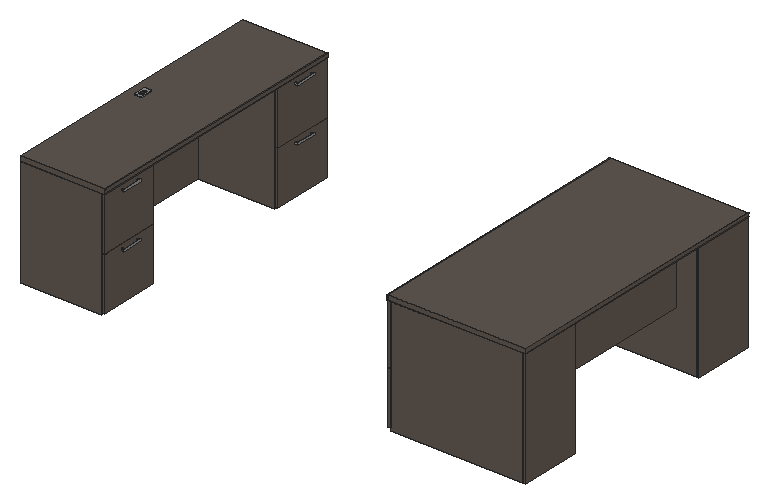
Revit family "T100295", category Furniture, Revit 2022 (continued)
Definition of nested family "OFS ELEMENT OPEN L DESK LEFT AND RIGHT 84in Width 60in Return"
  Forms (in)
    Extrusion 10, solid, material <- "Desk Overlay Material", visible <- "Left Desk Overlay"
      sketch origin (0, 0, 0) x (1, 0, 0) y (0, 0, 1)
        loop
          line (35.5, 34) -> (6.5, 34) -> (6.5, 6.5) -> (35.5, 6.5) -> (35.5, 34)
      from -12.96875 to -12.84375
    Extrusion 11, solid, material <- "Chassis Material", visible <- "Left Return Desk Option"
      sketch origin (-18.5848, -3.95032, 0) x (1, 0, 0) y (0, 1, 0)
        loop
          line (19.7723, 15.60657) -> (18.5848, 15.60657) -> (18.5848, 3.95032) -> (19.7723, 3.95032) -> (19.7723, 15.60657)
      from 0 to 28.5
    Extrusion 12, solid, material <- "Paper Organizer Material", visible <- "Left Return Desk Option"
      sketch origin (0, 0, 0) x (1, 0, 0) y (0, 1, 0)
        loop
          line (-28.0625, -19.09375) -> (-28.0625, -18.34375) -> (-40.8125, -18.34375) -> (-40.8125, -75.96875) -> (-28.0625, -75.96875) -> (-28.0625, -75.21875) -> (-40.0625, -75.21875) -> (-40.0625, -19.09375) -> (-28.0625, -19.09375)
      from 34.125 to 40.5
    Extrusion 13, solid, material <- "Paper Organizer Material", visible <- "Left Return Desk Option"
      sketch origin (0, 0, 0) x (1, 0, 0) y (0, 1, 0)
        loop
          line (-40.8125, -18.34375) -> (-40.8125, -75.96875) -> (-28.0625, -75.96875) -> (-28.0625, -18.34375) -> (-40.8125, -18.34375)
      from 39.75 to 40.5
    Extrusion 14, solid, material <- "Paper Organizer Material", visible <- "Left Return Desk Option"
      sketch origin (0, 0, 0) x (1, 0, 0) y (0, 1, 0)
        loop
          line (-40.8125, -18.34375) -> (-40.8125, -75.96875) -> (-28.0625, -75.96875) -> (-28.0625, -18.34375) -> (-40.8125, -18.34375)
      from 34.125 to 34.875
    Extrusion 15, solid, material <- "Paper Organizer Material", visible <- "Left Return Desk Option"
      sketch origin (0, 0, 0) x (1, 0, 0) y (0, 1, 0)
        loop
          line (-40.0625, -32.625) -> (-40.0625, -32.875) -> (-28.8125, -32.875) -> (-28.8125, -32.625) -> (-40.0625, -32.625)
      from 34.875 to 39.75
    Extrusion 16, solid, material <- "Paper Organizer Material", visible <- "Left Return Desk Option"
      sketch origin (0, -11.40625, 0) x (1, 0, 0) y (0, 1, 0)
        loop
          line (-40.0625, -35.625) -> (-40.0625, -35.875) -> (-28.8125, -35.875) -> (-28.8125, -35.625) -> (-40.0625, -35.625)
      from 34.875 to 39.75
    Extrusion 17, solid, material <- "Paper Organizer Material", visible <- "Left Return Desk Option"
      sketch origin (0, -22.8125, 0) x (1, 0, 0) y (0, 1, 0)
        loop
          line (-40.0625, -38.625) -> (-40.0625, -38.875) -> (-28.8125, -38.875) -> (-28.8125, -38.625) -> (-40.0625, -38.625)
      from 34.875 to 39.75
    Extrusion 18, solid, material <- "Chassis Material", visible <- "Right Return Desk Option"
      sketch origin (0, 0, 0) x (-1, 0, 0) y (0, -1, 0)
        loop
          line (-42, 17.15625) -> (-20, 17.15625) -> (-20, 18.34375) -> (-40.8125, 18.34375) -> (-40.8125, 75.96875) -> (-20, 75.96875) -> (-20, 77.15625) -> (-42, 77.15625) -> (-42, 17.15625)
      from 0 to 40.5
    Extrusion 19, solid, material <- "Worksurface Material", visible <- "Right Return Desk Option"
      sketch origin (-14.83926, -32.43958, 0) x (-1, 0, 0) y (0, -1, 0)
        loop
          line (-55.65176, -14.09583) -> (-34.83926, -14.09583) -> (-34.83926, 43.52917) -> (-55.65176, 43.52917) -> (-55.65176, -14.09583)
      from 28.5 to 29.5
    Extrusion 20, solid, material <- "Paper Organizer Material", visible <- "Right Return Desk Option"
      sketch origin (0, 0, 0) x (-1, 0, 0) y (0, -1, 0)
        loop
          line (-28.0625, 19.09375) -> (-40.0625, 19.09375) -> (-40.0625, 75.21875) -> (-28.0625, 75.21875) -> (-28.0625, 75.96875) -> (-40.8125, 75.96875) -> (-40.8125, 18.34375) -> (-28.0625, 18.34375) -> (-28.0625, 19.09375)
      from 34.125 to 40.5
    Extrusion 21, solid, material <- "Paper Organizer Material", visible <- "Right Return Desk Option"
      sketch origin (0, 0, 0) x (-1, 0, 0) y (0, -1, 0)
        loop
          line (-40.8125, 18.34375) -> (-28.0625, 18.34375) -> (-28.0625, 75.96875) -> (-40.8125, 75.96875) -> (-40.8125, 18.34375)
      from 39.75 to 40.5
    Extrusion 22, solid, material <- "Paper Organizer Material", visible <- "Right Return Desk Option"
      sketch origin (0, 0, 0) x (-1, 0, 0) y (0, -1, 0)
        loop
          line (-40.8125, 18.34375) -> (-28.0625, 18.34375) -> (-28.0625, 75.96875) -> (-40.8125, 75.96875) -> (-40.8125, 18.34375)
      from 34.125 to 34.875
    Extrusion 23, solid, material <- "Paper Organizer Material", visible <- "Right Return Desk Option"
      sketch origin (0, 0, 0) x (-1, 0, 0) y (0, -1, 0)
        loop
          line (-40.0625, 32.625) -> (-28.8125, 32.625) -> (-28.8125, 32.875) -> (-40.0625, 32.875) -> (-40.0625, 32.625)
      from 34.875 to 39.75
    Extrusion 24, solid, material <- "Paper Organizer Material", visible <- "Right Return Desk Option"
      sketch origin (0, -11.40625, 0) x (-1, 0, 0) y (0, -1, 0)
        loop
          line (-40.0625, 35.625) -> (-28.8125, 35.625) -> (-28.8125, 35.875) -> (-40.0625, 35.875) -> (-40.0625, 35.625)
      from 34.875 to 39.75
    Extrusion 25, solid, material <- "Paper Organizer Material", visible <- "Right Return Desk Option"
      sketch origin (0, -22.8125, 0) x (-1, 0, 0) y (0, -1, 0)
        loop
          line (-40.0625, 38.625) -> (-28.8125, 38.625) -> (-28.8125, 38.875) -> (-40.0625, 38.875) -> (-40.0625, 38.625)
      from 34.875 to 39.75
    Extrusion 26, solid, material <- "Worksurface Material", visible <- "Right Return Desk Option"
      sketch origin (0, 0, 0) x (-1, 0, 0) y (0, -1, 0)
        loop
          line (-36, -11.65625) -> (40.8125, -11.65625) -> (40.8125, 17.15625) -> (-42, 17.15625) -> (-42, -5.65625)
          arc (-42, -5.65625) -> (-40.24264, -9.89889) -> (-36, -11.65625) r 6
      from 28.5 to 29.5
    Extrusion 27, solid, material <- "Chassis Material", visible <- "Right Return Desk Option"
      sketch origin (0, 0, 0) x (-1, 0, 0) y (0, -1, 0)
        loop
          line (42, -12.84375) -> (42, 17.15625) -> (40.8125, 17.15625) -> (40.8125, -11.65625) -> (0, -11.65625) -> (0, -12.84375) -> (42, -12.84375)
      from 0 to 40.5
    Extrusion 28, solid, material <- "Transaction Shelf Material", visible <- "Right Return Desk Option"
      sketch origin (0, 0, 6) x (-1, 0, 0) y (0, -1, 0)
        loop
          line (0, -17.15625) -> (42, -17.15625) -> (42, -3.65625) -> (0, -3.65625) -> (0, -17.15625)
      from 37.875 to 39
    Extrusion 29, solid, material <- "Standoffs Material", visible <- "Right Return Desk Option"
      sketch origin (-44.5, 0, 0) x (-1, 0, 0) y (0, -1, 0)
        loop
          circle (-41.875, -10.04085) r 0.625
      from 40.5 to 43.875
    Extrusion 30, solid, material <- "Standoffs Material", visible <- "Right Return Desk Option"
      sketch origin (-44.5, -4.75, 0) x (-1, 0, 0) y (0, -1, 0)
        loop
          circle (-41.875, -10.04085) r 0.625
      from 40.5 to 43.875
    Extrusion 31, solid, material <- "Standoffs Material", visible <- "Right Return Desk Option"
      sketch origin (-66.75, 0, 0) x (-1, 0, 0) y (0, -1, 0)
        loop
          circle (-27.375, -10.04085) r 0.625
      from 40.5 to 43.875
    Extrusion 32, solid, material <- "Standoffs Material", visible <- "Right Return Desk Option"
      sketch origin (-66.75, -4.75, 0) x (-1, 0, 0) y (0, -1, 0)
        loop
          circle (-27.375, -10.04085) r 0.625
      from 40.5 to 43.875
    Extrusion 33, solid, material <- "Chassis Material", visible <- "Right Return Desk Option"
      sketch origin (18.5848, -3.95032, 0) x (-1, 0, 0) y (0, -1, 0)
        loop
          line (19.7723, -15.60657) -> (19.7723, -3.95032) -> (18.5848, -3.95032) -> (18.5848, -15.60657) -> (19.7723, -15.60657)
      from 0 to 28.5
    Extrusion 34, solid, material <- "Chassis Material", visible <- "Right Return Desk Option"
      sketch origin (0, 0, 6) x (-1, 0, 0) y (0, -1, 0)
        loop
          line (0, -11.65625) -> (40.8125, -11.65625) -> (40.8125, -3.65625) -> (0, -3.65625) -> (0, -11.65625)
      from 33.375 to 34.5
    Extrusion 35, solid, material <- "Desk Overlay Material", visible <- "Right Desk Ovelay"
      sketch origin (0, 0, 0) x (-1, 0, 0) y (0, 0, -1)
        loop
          line (35.5, -34) -> (35.5, -6.5) -> (6.5, -6.5) -> (6.5, -34) -> (35.5, -34)
      from -12.96875 to -12.84375
    Extrusion 36, solid, material <- "Worksurface Material", visible <- "Left Return Desk Option"
      sketch origin (0, 0, 0) x (1, 0, 0) y (0, 1, 0)
        loop
          arc (-36, 11.65625) -> (-40.24264, 9.89889) -> (-42, 5.65625) r 6
          line (-42, 5.65625) -> (-42, -17.15625) -> (40.8125, -17.15625) -> (40.8125, 11.65625) -> (-36, 11.65625)
      from 28.5 to 29.5
  Cuts and joins
    joined: Extrusion 12, Extrusion 13, Extrusion 14
    joined: Extrusion 20, Extrusion 21, Extrusion 22
  Dimensions and locks (in)
    equal spacing: plane 7 "Left External", plane 3 "Center Left/Right", plane 5 "Right External"
    "Width": plane 7 "Left External" to plane 5 "Right External"
    equal spacing: plane 6 "Front External", plane 1 "Center Front/Back", plane 4 "Back External"
    "Desk Depth": plane 4 "Back External" to plane 6 "Front External"
    plane 8 "Seat Height" to level = 29 1/2"
    "Height": plane 9 "Height" to level
    "Lateral Board Thickness": plane 7 "Left External" to plane 11
    "Lateral Board Thickness": plane 10 to plane 5 "Right External"
    "Base Depth": plane 12 to plane 6 "Front External"
    "Back Board Thickness": plane 12 to plane 13
    "Table Depth": plane 4 "Back External" to plane 14
    plane 15 to level = 40 1/2"
    "Bottom Board Offset": plane 19 to level
    "Table Supp from Lateral": plane 5 "Right External" to plane 20
    "Table Supp from Lateral": plane 21 to plane 3 "Center Left/Right"
    "Desk Overlay": plane 5 "Right External" to plane 22
    "Desk Overlay": plane 24 to plane 15
    "Desk Overlay": plane 19 to plane 23
    "Desk Overlay Thickness": plane 25 to plane 12
    "Depth": plane 4 "Back External" to plane 26
    "Return Worksurface Width": plane 7 "Left External" to plane 27
    "Return Worksurface Width": plane 28 to plane 5 "Right External"
    "Back Board Thickness": plane 29 to plane 26
    plane 7 "Left External" to plane 30 = 5"
    plane 31 to plane 5 "Right External" = 5"
    equal spacing: plane 34, plane 43, plane 32, plane 42, plane 29
    "Desk Overlay": plane 33 to plane 3 "Center Left/Right"
    "Back Board Thickness": plane 6 "Front External" to plane 34
    "Paper Organizer Board Thickness": plane 34 to plane 37
    "Paper Organizer Board Thickness": plane 11 to plane 36
    "Paper Organizer Board Thickness": plane 35 to plane 29
    "Paper Organizer Depth": plane 11 to plane 38
    "Paper Organizer Clearance": plane 39 to plane 8 "Seat Height"
    "Paper Organizer Board Thickness": plane 15 to plane 40
    "Paper Organizer Board Thickness": plane 41 to plane 39
    "Paper Organizer Board Thickness": plane 44 to plane 38
    "Return Worksurface Width": plane 5 "Right External" to plane 45
    plane 29 to plane 26 = 1 3/16"
    plane 5 "Right External" to plane 46 = 5"
    plane 34 to plane 50 to plane 32 to plane 49 to plane 29 = 14 13/32", 14 13/32", 14 13/32", 14 13/32"
    "Paper Organizer Board Thickness": plane 34 to plane 47
    plane 35 to plane 29 = 3/4"
    "Paper Organizer Depth": plane 10 to plane 48
    "Paper Organizer Board Thickness": plane 51 to plane 48
    "Table Supp from Lateral": plane 53 to plane 3 "Center Left/Right"
    "Table Supp from Lateral": plane 7 "Left External" to plane 52
    locked: plane 7 "Left External" to plane 54 at 6.5
    aligned and locked: level to plane 2
    aligned and locked: Extrusion 1 sketch curve to plane 12
    aligned and locked: plane 5 "Right External" to Extrusion 1 sketch curve
    aligned and locked: Extrusion 1 sketch curve to plane 13
    aligned and locked: Extrusion 1 to plane 19
    aligned and locked: Extrusion 2 to plane 18
    aligned and locked: plane 10 to Extrusion 2
    aligned and locked: Extrusion 2 to plane 13
    aligned and locked: Extrusion 2 to plane 14
    aligned and locked: Extrusion 3 to plane 14
    aligned and locked: Extrusion 3 to plane 4 "Back External"
    aligned and locked: Extrusion 3 to plane 9 "Height"
    aligned and locked: Extrusion 3 to plane 17
    aligned and locked: plane 5 "Right External" to Extrusion 3
    aligned and locked: Extrusion 8 sketch curve to plane 29
    aligned and locked: plane 27 to Extrusion 8 sketch curve
    aligned and locked: plane 26 to Extrusion 8 sketch curve
    aligned and locked: Extrusion 8 sketch curve to plane 6 "Front External"
    aligned and locked: plane 11 to Extrusion 9
    aligned and locked: Extrusion 9 to plane 27
    aligned and locked: Extrusion 9 to plane 29
    aligned and locked: Extrusion 8 to plane 19
    aligned and locked: plane 15 to Extrusion 8
    aligned and locked: Extrusion 3 to plane 3 "Center Left/Right"
    aligned and locked: Extrusion 2 to plane 3 "Center Left/Right"
    aligned and locked: Extrusion 10 to plane 33
    aligned and locked: Extrusion 10 to plane 22
    aligned and locked: Extrusion 8 sketch curve to plane 34
    aligned and locked: Extrusion 9 to Extrusion 8 sketch curve
    aligned and locked: Extrusion 9 to Extrusion 8
    aligned and locked: plane 37 to Extrusion 12 sketch curve
    aligned and locked: plane 36 to Extrusion 12 sketch curve
    aligned and locked: Extrusion 12 sketch curve to plane 35
    aligned and locked: Extrusion 12 sketch curve to Extrusion 8  (x3)
    aligned and locked: plane 38 to Extrusion 12 sketch curve  (x2)
    aligned and locked: plane 15 to Extrusion 12
    aligned and locked: Extrusion 12 to plane 39
    aligned and locked: Extrusion 13 sketch curve to Extrusion 8  (x2)
    aligned and locked: Extrusion 13 sketch curve to Extrusion 12  (x2)
    aligned and locked: Extrusion 13 to plane 40
    aligned and locked: plane 15 to Extrusion 13
    aligned and locked: Extrusion 14 sketch curve to Extrusion 8  (x2)
    aligned and locked: plane 29 to Extrusion 14 sketch curve
    aligned and locked: Extrusion 14 sketch curve to plane 38
    aligned and locked: Extrusion 14 to plane 39
    aligned and locked: plane 41 to Extrusion 14
    aligned and locked: Extrusion 15 to plane 41
    aligned and locked: Extrusion 16 to plane 41
    aligned and locked: Extrusion 17 to plane 41
    aligned and locked: plane 40 to Extrusion 15
    aligned and locked: plane 40 to Extrusion 16
    aligned and locked: plane 40 to Extrusion 17
    aligned and locked: plane 29 to Extrusion 18 sketch curve
    aligned and locked: plane 45 to Extrusion 18 sketch curve
    aligned and locked: Extrusion 18 sketch curve to plane 26
    aligned and locked: plane 45 to Extrusion 19
    aligned and locked: plane 29 to Extrusion 19
    aligned and locked: Extrusion 18 sketch curve to plane 34
    aligned and locked: Extrusion 19 to Extrusion 18 sketch curve
    aligned and locked: Extrusion 18 to Extrusion 19
    aligned and locked: Extrusion 20 sketch curve to plane 47
    aligned and locked: plane 35 to Extrusion 20 sketch curve
    aligned and locked: Extrusion 18 to Extrusion 20 sketch curve
    aligned and locked: Extrusion 20 sketch curve to Extrusion 18  (x2)
    aligned and locked: Extrusion 20 sketch curve to plane 48
    aligned and locked: plane 48 to Extrusion 20 sketch curve
    aligned and locked: Extrusion 21 sketch curve to Extrusion 18  (x2)
    aligned and locked: Extrusion 21 sketch curve to Extrusion 20  (x2)
    aligned and locked: Extrusion 22 sketch curve to Extrusion 18  (x2)
    aligned and locked: Extrusion 22 sketch curve to plane 29
    aligned and locked: plane 48 to Extrusion 22 sketch curve
    aligned and locked: Extrusion 26 to Extrusion 27 sketch curve
    aligned and locked: Extrusion 27 sketch curve to Extrusion 26
    aligned and locked: Extrusion 26 to Extrusion 33
    aligned and locked: plane 55 to Extrusion 35
    aligned and locked: plane 54 to Extrusion 35
  Automatic sketch dimensions
    Extrusion 1 sketch curve to plane 3 "Center Left/Right" = 0"
    plane 6 "Front External" to Extrusion 1 sketch curve = 0"
    Extrusion 1 sketch curve to plane 10 = 0"
    Extrusion 2 sketch curve to plane 3 "Center Left/Right" = 0"
    Extrusion 2 sketch curve to plane 10 = 0"
    Extrusion 2 sketch curve to plane 14 = 0"
    Extrusion 2 sketch curve to plane 13 = 0"
    Extrusion 3 sketch curve to plane 3 "Center Left/Right" = 0"
    Extrusion 3 sketch curve to plane 5 "Right External" = 0"
    Extrusion 3 sketch curve to plane 14 = 0"
    Extrusion 3 sketch curve to plane 4 "Back External" = 0"
    Extrusion 4 sketch curve to plane 21 = 0"
    Extrusion 4 sketch curve to plane 13 = 1.6154"
    Extrusion 5 sketch curve to plane 21 = 0"
    plane 14 to Extrusion 5 sketch curve = 1.6346"
    Extrusion 6 sketch curve to plane 20 = 0"
    Extrusion 6 sketch curve to plane 13 = 1.6154"
    Extrusion 7 sketch curve to plane 20 = 0"
    plane 14 to Extrusion 7 sketch curve = 1.6346"
    Extrusion 8 sketch curve to plane 7 "Left External" = 0"
    Extrusion 8 sketch curve to plane 11 = 0"
    Extrusion 9 sketch curve to plane 11 = 0"
    Extrusion 9 sketch curve to plane 27 = 0"
    Extrusion 9 sketch curve to plane 29 = 0"
    Extrusion 9 sketch curve to plane 34 = 0"
    Extrusion 10 sketch curve to plane 24 = 0"
    Extrusion 10 sketch curve to plane 33 = 0"
    plane 22 to Extrusion 10 sketch curve = 0"
    Extrusion 10 sketch curve to plane 23 = 0"
    Extrusion 11 sketch curve to plane 3 "Center Left/Right" = 0"
    plane 1 "Center Front/Back" to Extrusion 11 sketch curve = 0"
    Extrusion 11 sketch curve to plane 13 = 0"
    Extrusion 11 sketch curve to Extrusion 11 sketch curve = 1 3/16"
    Extrusion 12 sketch curve to plane 37 = 0"
    Extrusion 15 sketch curve to plane 36 = 0"
    Extrusion 15 sketch curve to plane 44 = 0"
    Extrusion 15 sketch curve to plane 43 = 1/8"
    plane 43 to Extrusion 15 sketch curve = 1/8"
    Extrusion 16 sketch curve to plane 36 = 0"
    Extrusion 16 sketch curve to plane 44 = 0"
    Extrusion 16 sketch curve to plane 32 = 1/8"
    plane 32 to Extrusion 16 sketch curve = 1/8"
    Extrusion 17 sketch curve to plane 36 = 0"
    Extrusion 17 sketch curve to plane 44 = 0"
    Extrusion 17 sketch curve to plane 42 = 1/8"
    plane 42 to Extrusion 17 sketch curve = 1/8"
    Extrusion 18 sketch curve to plane 5 "Right External" = 0"
    Extrusion 18 sketch curve to plane 10 = 0"
    Extrusion 18 sketch curve to plane 6 "Front External" = 0"
    Extrusion 19 sketch curve to plane 10 = 0"
    Extrusion 19 sketch curve to plane 28 = 0"
    Extrusion 19 sketch curve to plane 29 = 0"
    plane 34 to Extrusion 19 sketch curve = 0"
    plane 37 to Extrusion 20 sketch curve = 0"
    plane 20 to Extrusion 20 sketch curve = 11/16"
    Extrusion 23 sketch curve to plane 51 = 0"
    plane 43 to Extrusion 23 sketch curve = 1/8"
    Extrusion 23 sketch curve to plane 43 = 1/8"
    plane 20 to Extrusion 23 sketch curve = 11/16"
    Extrusion 24 sketch curve to plane 51 = 0"
    plane 32 to Extrusion 24 sketch curve = 1/8"
    Extrusion 24 sketch curve to plane 32 = 1/8"
    plane 20 to Extrusion 24 sketch curve = 11/16"
    Extrusion 25 sketch curve to plane 51 = 0"
    plane 42 to Extrusion 25 sketch curve = 1/8"
    Extrusion 25 sketch curve to plane 42 = 1/8"
    plane 20 to Extrusion 25 sketch curve = 11/16"
    Extrusion 26 sketch curve to plane 5 "Right External" = 0"
    Extrusion 26 sketch curve to plane 13 = 0"
    Extrusion 26 sketch curve to plane 11 = 0"
    Extrusion 26 sketch curve to plane 6 "Front External" = 0"
    plane 22 to Extrusion 26 sketch curve = 1/2"
    Extrusion 27 sketch curve to plane 3 "Center Left/Right" = 0"
    Extrusion 27 sketch curve to plane 7 "Left External" = 0"
    Extrusion 27 sketch curve to plane 13 = 0"
    Extrusion 27 sketch curve to plane 12 = 0"
    Extrusion 28 sketch curve to plane 3 "Center Left/Right" = 0"
    Extrusion 28 sketch curve to plane 7 "Left External" = 0"
    Extrusion 28 sketch curve to plane 4 "Back External" = 0"
    Extrusion 28 sketch curve to plane 14 = 0"
    Extrusion 29 sketch curve to plane 53 = 0"
    plane 13 to Extrusion 29 sketch curve = 1.6154"
    Extrusion 30 sketch curve to plane 53 = 0"
    Extrusion 30 sketch curve to plane 14 = 1.6346"
    Extrusion 31 sketch curve to plane 52 = 0"
    plane 13 to Extrusion 31 sketch curve = 1.6154"
    Extrusion 32 sketch curve to plane 52 = 0"
    Extrusion 32 sketch curve to plane 14 = 1.6346"
    Extrusion 33 sketch curve to plane 3 "Center Left/Right" = 0"
    plane 1 "Center Front/Back" to Extrusion 33 sketch curve = 0"
    Extrusion 33 sketch curve to plane 13 = 0"
    Extrusion 33 sketch curve to Extrusion 33 sketch curve = 1 3/16"
    Extrusion 34 sketch curve to plane 3 "Center Left/Right" = 0"
    Extrusion 34 sketch curve to plane 11 = 0"
    Extrusion 34 sketch curve to plane 13 = 0"
    Extrusion 34 sketch curve to plane 14 = 0"
    Extrusion 35 sketch curve to plane 24 = 0"
    plane 55 to Extrusion 35 sketch curve = 0"
    Extrusion 35 sketch curve to plane 23 = 0"
    plane 54 to Extrusion 35 sketch curve = 0"
    Extrusion 36 sketch curve to plane 7 "Left External" = 0"
    Extrusion 36 sketch curve to plane 13 = 0"
    Extrusion 36 sketch curve to plane 10 = 0"
    plane 6 "Front External" to Extrusion 36 sketch curve = 0"
    Extrusion 36 sketch curve to plane 54 = 1/2"
    radius of Extrusion 4 sketch curve = 5/8"
    radius of Extrusion 5 sketch curve = 5/8"
    radius of Extrusion 6 sketch curve = 5/8"
    radius of Extrusion 7 sketch curve = 5/8"
    radius of Extrusion 29 sketch curve = 5/8"
    radius of Extrusion 30 sketch curve = 5/8"
    radius of Extrusion 31 sketch curve = 5/8"
    radius of Extrusion 32 sketch curve = 5/8"
Types (3): name | Description
  (no name) | "OFS TYPICAL T100295"
  T100 | "OFS TYPICAL T100"
  T10095 | "OFS TYPICAL T100295"
